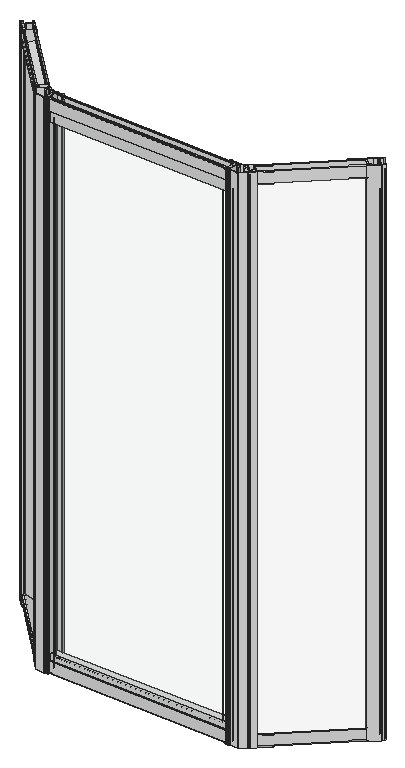
Revit family "Shower-Shower_Door-STERLING-Intrigue-SP2270A", category Specialty Equipment, host Face, Revit 2015 (continued)
Definition of nested family "SP2270A"
  Automatic sketch dimensions
    curve 166 to plane 5 = 0.53675"
    curve 166 to curve 171 = 0.055"
    curve 170 to curve 167 = 0.01407"
    curve 171 to curve 165 = 0.01747"
    curve 165 to curve 172 = 0.00368"
    curve 167 to curve 170 = 0.00814"
    curve 144 to plane 1 "Center (Front/Back)" = 0.04127"
    curve 144 to plane 5 = 0.77126"
    curve 163 to curve 159 = 0.19983"
    curve 181 to curve 183 = 0.08199"
    curve 182 to curve 183 = 0.05"
    curve 183 to curve 186 = 0.03429"
    curve 168 to curve 163 = 0.03933"
    curve 183 to curve 203 = 0.055"
    curve 186 to curve 187 = 0.02071"
    curve 187 to curve 191 = 0.00012"
    curve 158 to curve 160 = 0.1542"
    curve 191 to curve 185 = 0.01327"
    curve 162 to curve 173 = 0.02949"
    curve 185 to curve 190 = 0.0066"
    plane 11 to curve 162 = 0.34122"
    curve 161 to curve 162 = 0.02299"
    curve 190 to curve 189 = 0.01899"
    curve 189 to curve 201 = 0.00101"
    curve 188 to curve 201 = 0"
    curve 160 to curve 177 = 0.055"
    curve 201 to curve 192 = 0.03316"
    curve 176 to curve 161 = 0.016"
    curve 161 to curve 176 = 0.00104"
    curve 192 to curve 198 = 0.00684"
    curve 176 to curve 175 = 0.01087"
    curve 198 to curve 193 = 0.01605"
    curve 176 to curve 179 = 0.02054"
    plane 11 to curve 174 = 0.32975"
    curve 175 to curve 174 = 0.01373"
    curve 195 to curve 199 = 0.01145"
    plane 10 to curve 209 = 0.04125"
    curve 168 to curve 209 = 0.215"
    curve 178 to curve 179 = 0.07478"
    curve 179 to curve 204 = 0.08862"
    curve 208 to curve 209 = 0.11921"
    curve 193 to plane 1 "Center (Front/Back)" = 0.03745"
    curve 200 to curve 193 = 0.14466"
    curve 209 to curve 207 = 0.00061"
    plane 10 to curve 197 = 0.02046"
    curve 204 to curve 205 = 0.03902"
    curve 196 to curve 211 = 0.07"
    curve 211 to curve 213 = 0.02077"
    plane 11 to curve 217 = 0.06"
    curve 221 to curve 217 = 0.54544"
    curve 215 to curve 214 = 0.03172"
    curve 214 to curve 215 = 0.00365"
    curve 215 to curve 219 = 0.08464"
    curve 219 to curve 220 = 0.00891"
    curve 219 to curve 217 = 0.04941"
    plane 11 to curve 392 = 0.11653"
    curve 392 to plane 6 = 2.06388"
    curve 391 to curve 393 = 0.04051"
    curve 393 to curve 392 = 0.00891"
    curve 392 to curve 388 = 0.08464"
    curve 388 to curve 386 = 0.00365"
    curve 387 to curve 390 = 0.03536"
    plane 11 to curve 394 = 45/256"
    curve 388 to curve 394 = 0.54544"
    curve 384 to plane 1 "Center (Front/Back)" = 35/256"
    curve 384 to plane 6 = 1.32825"
    plane 10 to curve 370 = 0.02046"
    curve 222 to curve 370 = 0.07"
    curve 225 to curve 378 = 0.07"
    curve 378 to curve 380 = 0.02018"
    curve 369 to curve 369 = 0.02034"
    curve 370 to curve 383 = 0.02079"
    curve 377 to curve 377 = 0.03902"
    curve 377 to curve 353 = 0.08862"
    curve 382 to curve 381 = 0.11921"
    curve 369 to curve 373 = 0.14466"
    curve 372 to curve 372 = 0.0275"
    plane 11 to curve 347 = 0.32975"
    curve 352 to curve 347 = 0.07072"
    curve 348 to curve 352 = 0.00405"
    curve 372 to curve 368 = 0.01145"
    curve 348 to curve 348 = 0.01373"
    curve 352 to curve 349 = 0.02054"
    curve 349 to curve 334 = 0.00104"
    curve 372 to curve 365 = 0.00684"
    curve 334 to curve 350 = 0.016"
    curve 365 to curve 375 = 0.03316"
    curve 361 to curve 374 = 0"
    curve 374 to curve 362 = 0.00101"
    plane 11 to curve 335 = 0.34122"
    curve 349 to curve 335 = 0.03201"
    curve 365 to curve 363 = 0.05316"
    curve 334 to curve 346 = 0.01416"
    curve 363 to curve 358 = 0.0066"
    curve 349 to curve 333 = 0.055"
    curve 358 to curve 364 = 0.01327"
    curve 361 to curve 361 = 0.04"
    curve 346 to curve 376 = 0.01382"
    curve 346 to curve 336 = 0.02949"
    curve 359 to curve 359 = 0.02071"
    curve 342 to curve 357 = 0.055"
    curve 356 to curve 356 = 0.05"
    curve 331 to plane 6 = 0.80905"
    curve 355 to curve 354 = 0.08199"
    curve 341 to curve 343 = 0.28929"
    curve 343 to curve 345 = 0.00106"
    curve 345 to curve 337 = 0.00368"
    curve 342 to curve 341 = 0.00814"
    curve 338 to curve 344 = 0.01747"
    curve 344 to curve 339 = 0.055"
    curve 330 to plane 6 = 0.07352"
    curve 321 to plane 6 = 0.04035"
    curve 325 to plane 6 = 0.04035"
    curve 323 to plane 6 = 0.01558"
    plane 6 to curve 324 = 0.01071"
    plane 6 to curve 330 = 0.03552"
    plane 6 to curve 321 = 0.05138"
    curve 321 to curve 319 = 0.05251"
    curve 320 to curve 319 = 0"
    curve 319 to curve 318 = 0.05251"
    curve 330 to curve 291 = 0.13294"
    curve 291 to curve 328 = 0.01567"
    curve 328 to plane 11 = 0.06409"
    curve 328 to curve 328 = 0.01101"
    curve 328 to curve 326 = 7/128"
    curve 317 to plane 1 "Center (Front/Back)" = 0.04127"
    plane 6 to curve 317 = 31/128"
    curve 326 to plane 11 = 0.04973"
    curve 325 to curve 326 = 0.05951"
    curve 315 to plane 1 "Center (Front/Back)" = 0.07071"
    curve 316 to curve 315 = 0.07107"
    plane 11 to curve 319 = 0.08082"
    curve 323 to curve 319 = 0.1084"
    plane 11 to curve 305 = 0.1586"
    curve 305 to curve 314 = 0"
    curve 292 to curve 291 = 0.38962"
    curve 290 to curve 290 = 0.01768"
    curve 290 to curve 284 = 0.01768"  (x2)
    curve 284 to curve 278 = 0.03575"
    curve 278 to curve 293 = 0.01427"  (x2)
    plane 10 to curve 313 = 0.1418"
    curve 315 to plane 10 = 0.09915"
    curve 313 to curve 315 = 0.00293"
    curve 303 to plane 10 = 0.02033"
    curve 315 to curve 303 = 0.00465"
    plane 10 to curve 304 = 0.01806"
    curve 302 to curve 304 = 0.01044"
    plane 10 to curve 313 = 0.17008"
    plane 10 to curve 305 = 0.03203"
    curve 304 to curve 305 = 0.01397"
    plane 10 to curve 303 = 0.00408"
    plane 10 to curve 307 = 0.10291"
    curve 313 to curve 307 = 0.03889"
    curve 315 to curve 302 = 0.04667"
    plane 11 to curve 285 = 0.32751"
    curve 313 to curve 285 = 0.02965"
    plane 11 to curve 287 = 0.41792"
    curve 287 to curve 286 = 0"
    plane 10 to curve 307 = 0.13119"
    curve 306 to curve 307 = 0.02828"
    plane 10 to curve 298 = 0.07685"
    curve 307 to curve 298 = 0.03192"
    plane 11 to curve 283 = 0.37271"
    curve 286 to curve 283 = 0.02268"
    curve 297 to curve 308 = 0.02465"
    plane 10 to curve 301 = 0.02025"
    curve 297 to curve 301 = 0.02562"
    curve 282 to curve 286 = 0.02253"
    plane 10 to curve 296 = 0.11634"
    plane 10 to curve 300 = 0.00398"
    curve 301 to curve 300 = 0.01467"
    plane 10 to curve 309 = 0.13119"
    plane 10 to curve 298 = 0.01745"
    plane 10 to curve 296 = 0.07485"
    curve 297 to curve 296 = 0.0415"
    plane 10 to curve 311 = 0.17008"
    curve 295 to curve 295 = 0.0179"
    plane 10 to curve 309 = 0.0824"
    curve 295 to curve 309 = 0.00283"
    plane 10 to curve 289 = 0.07485"
    plane 10 to curve 311 = 0.12129"
    plane 11 to curve 284 = 0.10543"
    curve 285 to curve 284 = 0.22208"
    curve 311 to curve 288 = 0.08041"
    plane 10 to curve 287 = 0.23559"
    curve 288 to curve 287 = 0.01884"
    plane 10 to curve 289 = 0.19791"
    curve 288 to curve 289 = 0.01884"
    plane 10 to curve 281 = 0.26484"
    plane 10 to curve 280 = 0.411"
    curve 282 to curve 280 = 0.05815"
    plane 11 to curve 279 = 0.31395"
    curve 279 to curve 279 = 0.18007"
    plane 6 to curve 266 = 9.26269"
    curve 265 to curve 265 = 0.01427"
    curve 265 to curve 262 = 0.01427"  (x2)
    curve 265 to curve 264 = 0.06678"
    curve 258 to curve 264 = 0"
    curve 263 to curve 263 = 0.01768"
    curve 263 to curve 264 = 0.54518"
    curve 264 to curve 250 = 0.01768"
    curve 250 to curve 249 = 0.01768"
    curve 258 to curve 255 = 0.72478"
    curve 249 to curve 249 = 0.27555"
    curve 249 to curve 248 = 0.01436"
    curve 248 to curve 247 = 0.01436"  (x2)
    curve 248 to curve 245 = 0.01396"
    curve 243 to curve 244 = 0"
    curve 243 to curve 244 = 0.01418"
    curve 248 to curve 247 = 0.03867"
    curve 246 to curve 246 = 0.00707"  (x2)
    curve 255 to curve 255 = 0.21109"
    curve 246 to curve 245 = 0.00707"
    curve 244 to curve 243 = 0.07355"
    curve 267 to plane 1 "Center (Front/Back)" = 10.11937"
    curve 242 to curve 242 = 0.0148"
    curve 254 to curve 257 = 0.06115"
    curve 254 to curve 257 = 0"
    curve 242 to curve 232 = 0.0148"
    curve 256 to curve 253 = 0.06115"
    curve 272 to curve 261 = 0.1813"
    curve 256 to plane 11 = 8.58976"
    curve 256 to curve 253 = 0.03879"
    curve 253 to curve 236 = 0.46587"
    curve 235 to curve 235 = 0.00719"
    curve 234 to plane 11 = 9.57971"
    curve 235 to curve 234 = 0.00831"
    curve 252 to curve 239 = 0.25527"
    curve 239 to curve 240 = 0.01768"
    curve 236 to curve 236 = 0.05024"
    curve 237 to curve 234 = 0.002"
    curve 240 to curve 252 = 0.01768"
    curve 233 to curve 233 = 0.01545"
    curve 233 to curve 237 = 0.01665"
    curve 237 to curve 229 = 0.01319"
    curve 237 to curve 230 = 0.01426"
    curve 233 to curve 231 = 0.07288"
    curve 231 to curve 230 = 0.01481"
    curve 231 to curve 232 = 0.01481"
    curve 231 to curve 229 = 0.04045"
    curve 228 to curve 228 = 0.01263"
    curve 228 to curve 227 = 0.01786"  (x2)
    curve 228 to curve 238 = 0.19567"
    curve 238 to curve 239 = 0.01738"
    curve 227 to plane 11 = 9.3787"
    curve 238 to curve 227 = 0.01738"
    curve 355 to plane 1 "Center (Front/Back)" = 0.03738"
    curve 182 to plane 1 "Center (Front/Back)" = 0.03738"
    curve 366 to plane 1 "Center (Front/Back)" = 0.03745"
    curve 185 to plane 1 "Center (Front/Back)" = 0.04253"
    curve 358 to plane 1 "Center (Front/Back)" = 0.04253"
    curve 195 to curve 199 = 0.00447"
    curve 368 to curve 373 = 0.00447"
    curve 317 to curve 354 = 0.02772"
    curve 144 to curve 181 = 0.02772"
    curve 185 to curve 183 = 0.055"
    curve 358 to curve 356 = 0.055"
    curve 371 to curve 371 = 0.05672"
    curve 362 to curve 365 = 0"
    curve 198 to curve 198 = 0.05672"
    curve 192 to curve 189 = 0"
    curve 362 to curve 373 = 0.001"
    curve 189 to curve 200 = 0.001"
    curve 196 to curve 211 = 0.07893"
    curve 381 to curve 381 = 0.025"
    curve 208 to curve 208 = 0.025"
    curve 309 to curve 295 = 0.01034"
    curve 136 to curve 122 = 0.01034"
    curve 124 to curve 139 = 0.00631"
    curve 297 to curve 308 = 0.00631"
    plane 10 to curve 341 = 0.22313"
    plane 10 to curve 168 = 0.22313"
    curve 341 to curve 376 = 0.055"
    curve 169 to curve 167 = 0.01407"
    curve 343 to curve 344 = 0.12284"
    curve 171 to curve 171 = 0.12284"
    curve 172 to curve 165 = 0.00368"
    curve 344 to curve 339 = 0.00368"
    curve 175 to curve 175 = 0.00912"
    curve 348 to curve 348 = 0.00912"
    curve 146 to curve 147 = 0.02725"
    curve 319 to curve 320 = 0.02725"
    curve 161 to curve 176 = 0"
    curve 349 to curve 334 = 0"
    curve 148 to curve 149 = 0.05301"
    curve 321 to curve 323 = 0.05301"
    curve 349 to curve 352 = 0.02392"
    curve 176 to curve 179 = 0.02392"
    curve 378 to curve 384 = 0.08923"
    curve 179 to curve 205 = 0"
    curve 377 to curve 377 = 0.00054"
    curve 204 to curve 204 = 0.00054"
    curve 324 to curve 323 = 0.00195"
    curve 151 to curve 149 = 0.00195"
    curve 179 to curve 180 = 0.08001"
    curve 352 to curve 353 = 0.08001"
    curve 204 to curve 211 = 0.08923"
    curve 333 to curve 332 = 0.129"
    curve 160 to curve 160 = 0.129"
    curve 220 to curve 217 = 0.07474"
    curve 386 to curve 387 = 0.02026"
    curve 213 to curve 214 = 0.02026"
    curve 393 to curve 393 = 0.0182"
    curve 220 to curve 219 = 0.0182"
    curve 388 to curve 389 = 0.0548"
    curve 152 to curve 155 = 0.04108"
    curve 325 to curve 329 = 0.04108"
    curve 155 to curve 153 = 0.0231"
    curve 328 to curve 327 = 0.0231"
    curve 157 to plane 11 = 0.14475"
    curve 330 to plane 11 = 0.14475"
    curve 153 to curve 118 = 0.10996"
    curve 326 to curve 291 = 0.10996"
    curve 117 to curve 111 = 0.01768"
    curve 105 to curve 120 = 0.01427"
    curve 88 to curve 83 = 0.06159"
    curve 260 to curve 259 = 0.06159"
    curve 256 to curve 252 = 0.03899"
    curve 83 to curve 79 = 0.03899"
    curve 257 to curve 258 = 0.08839"
    curve 84 to curve 82 = 0.08839"
    curve 81 to curve 83 = 0.04451"
    curve 254 to curve 257 = 0.04451"
    curve 256 to curve 253 = 0.01663"
    curve 83 to curve 80 = 0.01663"
    curve 240 to curve 240 = 0.01768"
    curve 67 to curve 66 = 0.38921"
    curve 239 to curve 227 = 0.03476"
    curve 65 to curve 65 = 0.01738"
    curve 85 to curve 90 = 0.01768"
    curve 258 to curve 263 = 0.01768"
    curve 65 to curve 56 = 0.15091"
    curve 229 to curve 234 = 0.06748"
    curve 229 to curve 236 = 0.00419"
    curve 56 to curve 63 = 0.00419"
    curve 237 to curve 234 = 0.00791"
    curve 64 to curve 57 = 0.00791"
    curve 57 to curve 55 = 0.01305"
    curve 233 to curve 228 = 0.01305"
    curve 230 to curve 233 = 0.01545"
    curve 61 to curve 60 = 0.01545"
    curve 236 to curve 234 = 0.01305"
    curve 60 to curve 63 = 0.02368"
    curve 62 to curve 62 = 0.00719"
    curve 55 to curve 54 = 0.01786"
    curve 229 to curve 230 = 0.03731"
    curve 56 to curve 57 = 0.03731"
    curve 230 to curve 231 = 0.01481"
    curve 90 to curve 76 = 0.5275"
    curve 263 to curve 249 = 0.5275"
    curve 250 to curve 250 = 0.01768"
    curve 249 to curve 247 = 0.23688"
    curve 76 to curve 74 = 0.23688"
    curve 73 to curve 73 = 0.00707"
    curve 247 to curve 248 = 0.02431"
    curve 73 to curve 75 = 0.02431"
    curve 74 to curve 72 = 0.01432"
    curve 248 to curve 245 = 0.01432"
    curve 71 to curve 71 = 0.01418"
    curve 244 to curve 244 = 0.01418"
    curve 244 to curve 242 = 0.07292"
    curve 71 to curve 69 = 0.07292"
    curve 242 to curve 243 = 0.0148"
    curve 68 to curve 65 = 0.12857"
    curve 87 to plane 11 = 8.48417"
    curve 78 to curve 59 = 0.02677"
    curve 94 to plane 11 = 8.25586"
    curve 98 to plane 11 = 8.36806"
    curve 97 to plane 11 = 8.43591"
    curve 95 to plane 11 = 8.60884"
    curve 100 to plane 11 = 9.05123"
    curve 101 to plane 11 = 9.12304"
    curve 102 to plane 11 = 9.22416"
    curve 103 to plane 11 = 9.29201"
    curve 104 to plane 11 = 9.31196"
    curve 93 to curve 93 = 0.02674"  (x2)
    curve 128 to curve 128 = 0.01549"
    plane 10 to curve 133 = 0.03209"
    curve 126 to plane 10 = 0.03593"
    curve 127 to plane 10 = 0.05973"
    curve 129 to curve 127 = 0.00364"
    curve 121 to curve 120 = 0.01231"
    curve 120 to curve 120 = 0.01427"
    curve 120 to curve 121 = 0.00016"
    curve 119 to curve 119 = 0.02051"
    curve 119 to curve 154 = 0.0198"
    curve 182 to curve 185 = 0.01587"
    curve 211 to curve 212 = 0.07367"
    curve 385 to curve 384 = 0.07367"
    curve 358 to curve 355 = 0.01587"
    curve 327 to curve 292 = 0.06081"
    curve 327 to curve 292 = 0.0198"  (x2)
    curve 294 to curve 293 = 0.01444"
    curve 294 to curve 293 = 0.00016"
    curve 294 to curve 294 = 0.02674"
    curve 277 to plane 11 = 0.6499"
    curve 276 to plane 11 = 0.62995"
    curve 275 to plane 11 = 0.5621"
    curve 274 to plane 11 = 0.46098"
    curve 273 to plane 11 = 0.38917"
    curve 300 to plane 10 = 0.05973"
    curve 300 to curve 302 = 0.00364"
    curve 299 to plane 10 = 0.03593"
    plane 10 to curve 306 = 0.03209"
    curve 306 to curve 301 = 0.00221"
    plane 11 to curve 268 = 0.05322"
    plane 11 to curve 269 = 0.12503"
    plane 11 to curve 270 = 0.22615"
    plane 11 to curve 271 = 0.294"
    curve 266 to curve 265 = 0.02674"  (x2)
    curve 267 to plane 11 = 8.25586"
    curve 242 to curve 251 = 0.02677"
    curve 260 to plane 11 = 8.48417"
    curve 227 to curve 241 = 0.12857"
    curve 211 to curve 224 = 0.06723"
    curve 224 to curve 223 = 0.24423"
    curve 226 to curve 378 = 0.08907"
    curve 225 to curve 384 = 0.06333"
    curve 351 to curve 351 = 0.03"
    curve 178 to curve 178 = 0.03"
    curve 178 to curve 177 = 0.02508"
    curve 351 to curve 350 = 0.02508"
    curve 154 to curve 119 = 0.0198"
    curve 65 to curve 68 = 0.02311"
    curve 227 to curve 241 = 0.02311"
    curve 242 to curve 251 = 0.12709"
    curve 59 to curve 78 = 0.12709"
    curve 96 to plane 11 = 8.53702"
    curve 223 to curve 222 = 1/8"
    Extrusion 14 sketch curve to plane 11 = 0.03806"
    Extrusion 14 sketch curve to plane 5 = 1.35549"
    plane 1 "Center (Front/Back)" to Extrusion 14 sketch curve = 1.68601"
    plane 11 to Extrusion 14 sketch curve = 8.53702"
    plane 5 to Extrusion 16 sketch curve = 11.82445"
    Extrusion 16 sketch curve to Extrusion 16 sketch curve = 1 5/32"  (x2)
    plane 1 "Center (Front/Back)" to Extrusion 16 sketch curve = 0.00019"
    plane 5 to Extrusion 16 sketch curve = 0.32098"
    plane 5 to Extrusion 16 sketch curve = 0.15677"
    Extrusion 16 sketch curve to plane 5 = 1.25744"
    Extrusion 16 sketch curve to plane 3 "Center (Left/Right)" = 1.19869"
    Extrusion 16 sketch curve to plane 3 "Center (Left/Right)" = 0.44869"
    Extrusion 16 sketch curve to plane 6 = 1.25744"
    plane 6 to Extrusion 16 sketch curve = 0.15677"
    plane 6 to Extrusion 16 sketch curve = 0.32098"
    plane 6 to Extrusion 16 sketch curve = 10.6682"
    Extrusion 16 sketch curve to plane 11 = 9.69082"
    plane 11 to Extrusion 16 sketch curve = 0.25014"
    Extrusion 16 sketch curve to Extrusion 16 sketch curve = 0.58579"
    Extrusion 17 sketch curve to plane 7 = 0"
    Extrusion 17 sketch curve to plane 8 = 0.85478"
    Extrusion 17 sketch curve to plane 5 = 1.32825"  (x2)
    Extrusion 17 sketch curve to plane 7 = 1.54428"
    Extrusion 17 sketch curve to plane 6 = 1.32825"  (x2)
    Extrusion 17 sketch curve to plane 8 = 0.00063"
